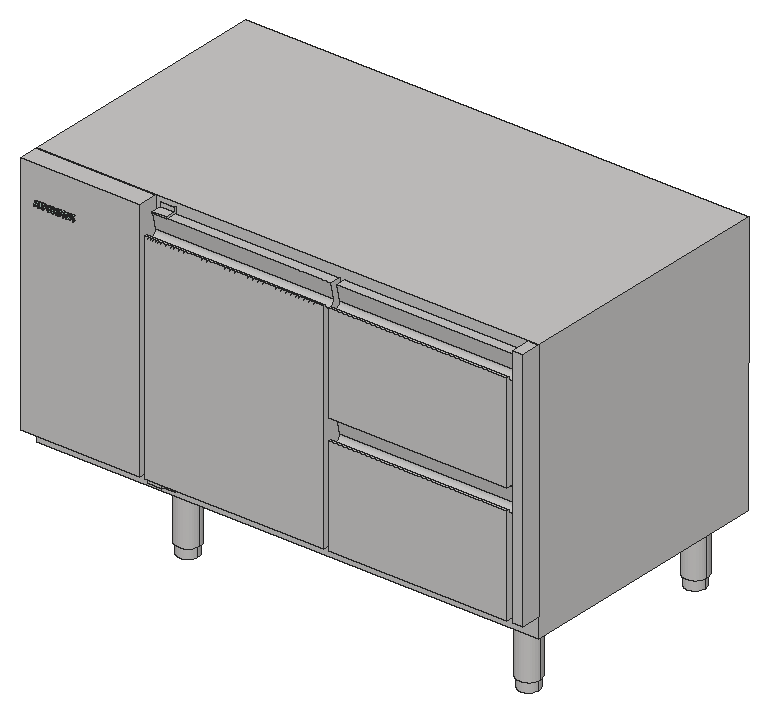
Revit family "QF_ALPENINOX_721101_AA2R7AB", category Attrezzature speciali, Revit 2018
Family settings
  Quota connettore circolare = Usa diametro
  Tipo di parte = Normale
  Basato su piano di lavoro = No
  Sempre verticale = Sì
  Taglio con vuoti quando caricato = No
  Condiviso = No
  Punto di calcolo locali = No
Parameters (values of type "Standard")
  Weight = 92.00 kg
  Watts = 220 W
  Volts = 220 V
  URL Manufacturer = "http://www.alpeninox.com"
  URL = "http://www.alpeninox.com"
  Steam Supply Size = 0 mm
  Steam Supply Minimum Pressure = 0.0 Pa
  Steam Supply Maximum Pressure = 0.0 Pa
  Steam Consumption per Hour = 0
  Refrigeration Suction Line Size = 0 mm
  Refrigeration Liquid Line Size = 0 mm
  Refrigerant Compressor Remote = yes
  Produttore = "Alpeninox"
  Phase = 1
  Modello = "AA2R7AB"
  Length Actual = 1241 mm  # constant formula
  Item Number = "721101"
  Hot Water Size = 0 mm
  Height Actual = 800 mm  # constant formula
  HP = "0.3 HP"
  Gas Size = 0 mm
  Gas KW = 0
  Gas Input Pressure = 0 W
  Direct Waste Size = 0 mm
  Descrizione = "1-DOOR AND 2X1/2-DRAWER REFRIGERATED COUNTER, -2+10°C, FULL AISI 304 (R290), WITHOUT WORK TOP"
  Depth Actual = 700 mm  # constant formula
  Cycle = 50 Hz
  Condensate Return Size = 0 mm
  Compressed Air Volume = 0.0 L/s
  Compressed Air Size = 0 mm
  Compressed Air Pressure = 0.0 Pa
  Cold Water Size = 0 mm
  Accessory = yes
Values of the unnamed type that differ from the named types
  Weight = 0.00 kg
  Watts = 0 W
  Volts = 0 V
  URL Manufacturer = ""
  Item Number = ""
  HP = ""
  Cycle = 0 Hz
Reference planes
  plane 1: z = 0
  plane 2 "Center (Left/Right)": x = -126.5
  plane 3 "Center (Front/Back)": y = 64.5
  plane 4 "FEET": z = 150
  plane 5 "TOP": z = 850
  plane 6 "PLAIN": z = 800
  plane 7 "EI_back": y = 103
  plane 8 "EI_left": x = -686
  plane 9 "BACK": y = 412
  plane 10 "FRONT": y = -283
  plane 11 "DOOR": y = -233
  plane 12 "LEFT": x = -747
  plane 13 "RIGHT": x = 494
  plane 14: x = -722
  plane 15: x = 469
Forms (mm)
  Extrusion 1, solid, material "QF_Finishes_Stainless Steel"
    sketch origin (-1022.223, -1524, 150) x (-1, 0, 0) y (0, -1, 0)
      loop
        circle (-336.223, -1627) r 5
    from 0 to -40
  Extrusion 2, solid, material "QF_Finishes_Stainless Steel"
    sketch origin (-1022.223, -1524, 150) x (-1, 0, 0) y (0, -1, 0)
      loop
        line (-1491.223, -1291) -> (-1491.223, -1241) -> (-1516.223, -1241) -> (-1516.223, -1291) -> (-1491.223, -1291)
    from 48 to 650
  Extrusion 3, solid, material "QF_Finishes_Stainless Steel"
    sketch origin (-1022.223, -1524, 150) x (-1, 0, 0) y (0, -1, 0)
      loop
        line (-275.223, -1936) -> (-275.223, -1291) -> (-1516.223, -1291) -> (-1516.223, -1936) -> (-275.223, -1936)
    from 0 to 650
Lines and regions (mm)
  symbolic lines, style "SpecialityEquipmentHiddenLines"
    curve 1: line (-747, 412, 150) -> (494, 412, 150)
    curve 2: line (-747, -283, 150) -> (-747, 412, 150)
    curve 3: line (494, -283, 150) -> (-747, -283, 150)
    curve 4: line (494, 412, 150) -> (494, -283, 150)
    curve 5: line (-747, -233, 150) -> (494, -233, 150)
    curve 6: line (469, -283, 150) -> (469, -233, 150)
Dimensions and locks
  plane 4 "FEET" to level = 150 mm
  plane 11 "DOOR" to plane 10 "FRONT" = 50 mm
  plane 6 "PLAIN" to plane 4 "FEET" = 650 mm
  plane 5 "TOP" to plane 6 "PLAIN" = 50 mm
  plane 12 "LEFT" to plane 14 = 25 mm
  plane 15 to plane 13 "RIGHT" = 25 mm
  plane 9 "BACK" to plane 7 "EI_back" = 309 mm
  plane 12 "LEFT" to plane 8 "EI_left" = 61 mm
  plane 12 "LEFT" to plane 13 "RIGHT" = 1241 mm
  equal spacing: plane 12 "LEFT", plane 2 "Center (Left/Right)", plane 13 "RIGHT"
  plane 9 "BACK" to plane 10 "FRONT" = 695 mm
  equal spacing: plane 9 "BACK", plane 3 "Center (Front/Back)", plane 10 "FRONT"
  aligned and locked: level to plane 1
Automatic sketch dimensions
  Extrusion 1 sketch curve to plane 7 "EI_back" = 0 mm
  Extrusion 1 sketch curve to plane 8 "EI_left" = 0 mm
  Extrusion 2 sketch curve to plane 11 "DOOR" = 0 mm
  Extrusion 2 sketch curve to plane 13 "RIGHT" = 0 mm
  Extrusion 2 sketch curve to plane 10 "FRONT" = 0 mm
  Extrusion 2 sketch curve to plane 15 = 0 mm
  Extrusion 3 sketch curve to plane 9 "BACK" = 0 mm
  Extrusion 3 sketch curve to plane 13 "RIGHT" = 0 mm
  Extrusion 3 sketch curve to plane 11 "DOOR" = 0 mm
  Extrusion 3 sketch curve to plane 12 "LEFT" = 0 mm
  curve 1 to plane 13 "RIGHT" = 0 mm
  curve 6 to plane 10 "FRONT" = 0 mm
  curve 6 to plane 15 = 0 mm
  curve 5 to plane 12 "LEFT" = 0 mm
  curve 6 to plane 11 "DOOR" = 0 mm
  curve 1 to plane 9 "BACK" = 0 mm
  radius of Extrusion 1 sketch curve = 5 mm
Nested families
  nested 1: "HP_Refrigerator" at (494, -283, 0), type "HP_Refrigerator"
  nested 2: "HP_FEET" at (-413, 331, 0), type "HP_FEET"
  nested 3: "HP_FEET" at (428, 331, 0), type "HP_FEET"
  nested 4: "HP_FEET" at (-413, -183, 0), type "HP_FEET"
  nested 5: "HP_FEET" at (428, -183, 0), type "HP_FEET"
  nested 6: "HP_APX_BI_TN_L" at (-540.08, -233, 548) x (1, 0, 0) z (0, -1, 0), type "HP_APX_BI_TN_L"
    with Show Logo yes
  nested 7: "HP_APX_SD_L" at (-219, -233, 458.88) x (1, 0, 0) z (0, -1, 0), type "HP_APX_SD_L"
    with Show Clearance yes
  nested 8: "HP_APX_HALF" at (235, -233, 458.08) x (1, 0, 0) z (0, -1, 0), type "HP_APX_HALF"
    with Show Clearance yes
Connectors
  electrical at (-686, 103, 110), driven by "Volts"
    settings: on Extrusion 1, index 1, voltage 220 V, apparent load 0 VA, apparent load phase1 0 VA, apparent load phase2 0 VA, apparent load phase3 0 VA, power factor 1, load classification "Other", number of poles 1, system type 31, power factor state 1, is connector primary yes, connector utility no, sub classification motor no, connector description "Electrical Connection"
Definition of nested family "HP_FEET"
  Parameters
    FEET = 150 mm
  Reference planes
    plane 1 "Center (Front/Back)": y = 0
    plane 2: z = 0
    plane 3 "Center (Left/Right)": x = 0
    plane 4: z = 150
  Forms (mm)
    Revolve 1, solid
      sketch origin (255.05, 0, 608.09) x (0, 0, 1) y (-1, 0, 0)
        loop
          line (-608.09, 255.05) -> (-608.09, 230.05) -> (-583.09, 230.05) -> (-583.09, 226.05) -> (-458.09, 226.05) -> (-458.09, 255.05) -> (-608.09, 255.05)
        axis (-608.09, 255.05) -> (-458.09, 255.05)
      angle from 0 to 360
  Dimensions and locks
    locked: Revolve 1 sketch curve to Revolve 1 sketch curve at 125
    "FEET": plane 4 to plane 2
    aligned and locked: level to plane 2
    aligned and locked: plane 4 to Revolve 1 sketch curve
    aligned and locked: Revolve 1 sketch curve to level
    aligned and locked: plane 3 "Center (Left/Right)" to Revolve 1 sketch curve
  Automatic sketch dimensions
    Revolve 1 sketch curve to plane 3 "Center (Left/Right)" = 0 mm
    Revolve 1 sketch curve to Revolve 1 sketch curve = 25 mm
    Revolve 1 sketch curve to Revolve 1 sketch curve = 29 mm
    plane 4 to Revolve 1 sketch curve = 50 mm
    Revolve 1 sketch curve to Revolve 1 sketch curve = 20 mm
Definition of nested family "HP_APX_BI_TN_L"
  Parameters
    Show Logo [instance] = yes
    Default Elevation = 1219.2 mm
  Reference planes
    plane 1 "Center (Front/Back)": y = -49
    plane 2: z = 0
    plane 3 "Center (Left/Right)": x = -59.92
    plane 4: x = -206.92
    plane 5: x = 87.08
    plane 6: y = 252
    plane 7: y = -350
  Forms (mm)
    Extrusion 1, solid
      sketch origin (0, 0, 0) x (1, 0, 0) y (0, 1, 0)
        loop
          line (-1219.2, 1219.2) -> (-1219.2, -1219.2) -> (1219.2, -1219.2) -> (1219.2, 1219.2) -> (-1219.2, 1219.2)
      from 0 to -304.8
    Extrusion 2, solid
      sketch origin (0, 0, 0) x (1, 0, 0) y (0, 1, 0)
        loop
          line (-206.92, 252) -> (-206.92, -350) -> (87.08, -350) -> (87.08, 252) -> (-206.92, 252)
      from 0 to 50
    Extrusion 3, solid
      sketch origin (0, 0, 0) x (1, 0, 0) y (0, 1, 0)
        loop
          line (-168.675, 170.349) -> (-172.411, 160.318)
          arc (-172.411, 160.318) -> (-171.624, 158.497) -> (-169.837, 159.36) r 1.374
          line (-169.837, 159.36) -> (-169.268, 161.111) -> (-164.1, 161.111) -> (-163.54, 159.379)
          arc (-163.54, 159.379) -> (-161.802, 158.542) -> (-161.049, 160.318) r 1.333
          line (-161.049, 160.318) -> (-164.694, 170.349)
          arc (-164.694, 170.349) -> (-166.685, 171.876) -> (-168.675, 170.349) r 2.06
        loop
          line (-166.681, 169.055) -> (-168.469, 163.655) -> (-164.935, 163.655) -> (-166.681, 169.055)
        loop
          arc (-159.705, 160.042) -> (-159.262, 158.973) -> (-158.194, 158.531) r 1.512
          line (-158.194, 158.531) -> (-153.608, 158.531)
          arc (-153.608, 158.531) -> (-152.337, 159.802) -> (-153.608, 161.074) r 1.272
          line (-153.608, 161.074) -> (-156.917, 161.074) -> (-156.917, 170.328)
          arc (-156.917, 170.328) -> (-158.311, 171.722) -> (-159.705, 170.328) r 1.394
          line (-159.705, 170.328) -> (-159.705, 160.042)
        loop
          line (-151.076, 170.218) -> (-151.076, 159.859)
          arc (-151.076, 159.859) -> (-149.683, 158.466) -> (-148.29, 159.859) r 1.393
          line (-148.29, 159.859) -> (-148.29, 162.882) -> (-146.225, 162.882)
          arc (-146.225, 162.882) -> (-142.999, 163.859) -> (-141.608, 166.928) r 4.082
          arc (-141.608, 166.928) -> (-142.993, 170.272) -> (-146.336, 171.657) r 4.728
          line (-146.336, 171.657) -> (-149.638, 171.657)
          arc (-149.638, 171.657) -> (-150.655, 171.235) -> (-151.076, 170.218) r 1.439
        loop
          line (-148.29, 165.313) -> (-146.388, 165.313)
          arc (-146.388, 165.313) -> (-144.433, 167.268) -> (-146.388, 169.222) r 1.955
          line (-146.388, 169.222) -> (-148.29, 169.222) -> (-148.29, 165.313)
        loop
          arc (-131.184, 166.332) -> (-132.004, 168.2) -> (-133.767, 169.228) r 3.3
          arc (-133.767, 169.228) -> (-136.353, 168.661) -> (-137.611, 166.332) r 3.176
          line (-137.611, 166.332) -> (-131.184, 166.332)
        loop
          line (-137.538, 163.743) -> (-130.544, 163.743)
          arc (-130.544, 163.743) -> (-129.292, 163.916) -> (-128.301, 164.701) r 2.4
          arc (-128.301, 164.701) -> (-128.155, 165.545) -> (-128.212, 166.399) r 3.635
          arc (-128.212, 166.399) -> (-130.364, 170.162) -> (-134.39, 171.769) r 6.579
          arc (-134.39, 171.769) -> (-138.918, 169.706) -> (-140.661, 165.044) r 6.501
          arc (-140.661, 165.044) -> (-139.276, 160.789) -> (-135.401, 158.549) r 6.252
          arc (-135.401, 158.549) -> (-132.922, 158.526) -> (-130.544, 159.232) r 8.361
          arc (-130.544, 159.232) -> (-129.466, 159.781) -> (-128.641, 160.666) r 3.486
          arc (-128.641, 160.666) -> (-128.419, 161.592) -> (-128.828, 162.451) r 1.425
          arc (-128.828, 162.451) -> (-129.368, 162.762) -> (-129.99, 162.762) r 1.203
          arc (-129.99, 162.762) -> (-130.406, 162.59) -> (-130.764, 162.316) r 1.724
          arc (-130.764, 162.316) -> (-131.666, 161.705) -> (-132.646, 161.229) r 7.6
          arc (-132.646, 161.229) -> (-135.676, 161.35) -> (-137.538, 163.743) r 3.6
        loop
          line (-126.669, 170.328) -> (-126.669, 159.859)
          arc (-126.669, 159.859) -> (-125.273, 158.463) -> (-123.878, 159.859) r 1.396
          line (-123.878, 159.859) -> (-123.878, 166.785) -> (-117.946, 159.029)
          arc (-117.946, 159.029) -> (-116.361, 158.51) -> (-115.379, 159.859) r 1.417
          line (-115.379, 159.859) -> (-115.379, 170.328)
          arc (-115.379, 170.328) -> (-116.774, 171.723) -> (-118.169, 170.328) r 1.395
          line (-118.169, 170.328) -> (-118.169, 163.311) -> (-124.101, 171.157)
          arc (-124.101, 171.157) -> (-125.687, 171.678) -> (-126.669, 170.328) r 1.418
        loop
          arc (-113.636, 159.859) -> (-112.241, 158.464) -> (-110.847, 159.859) r 1.394
          line (-110.847, 159.859) -> (-110.847, 170.328)
          arc (-110.847, 170.328) -> (-112.241, 171.723) -> (-113.636, 170.328) r 1.394
          line (-113.636, 170.328) -> (-113.636, 159.859)
        loop
          line (-109.102, 170.328) -> (-109.102, 159.859)
          arc (-109.102, 159.859) -> (-107.706, 158.463) -> (-106.31, 159.859) r 1.396
          line (-106.31, 159.859) -> (-106.31, 166.785) -> (-100.378, 159.029)
          arc (-100.378, 159.029) -> (-98.793, 158.51) -> (-97.812, 159.859) r 1.417
          line (-97.812, 159.859) -> (-97.812, 170.328)
          arc (-97.812, 170.328) -> (-99.207, 171.723) -> (-100.602, 170.328) r 1.395
          line (-100.602, 170.328) -> (-100.602, 163.311) -> (-106.533, 171.157)
          arc (-106.533, 171.157) -> (-108.119, 171.678) -> (-109.102, 170.328) r 1.418
        loop
          arc (-96.345, 165.093) -> (-95.619, 161.877) -> (-93.467, 159.379) r 6.806
          arc (-93.467, 159.379) -> (-91.792, 158.566) -> (-89.948, 158.31) r 5.956
          arc (-89.948, 158.31) -> (-88.104, 158.566) -> (-86.43, 159.379) r 5.956
          arc (-86.43, 159.379) -> (-84.277, 161.877) -> (-83.551, 165.093) r 6.806
          arc (-83.551, 165.093) -> (-84.277, 168.31) -> (-86.43, 170.808) r 6.806
          arc (-86.43, 170.808) -> (-88.104, 171.621) -> (-89.948, 171.877) r 5.956
          arc (-89.948, 171.877) -> (-91.792, 171.621) -> (-93.467, 170.808) r 5.956
          arc (-93.467, 170.808) -> (-95.619, 168.31) -> (-96.345, 165.093) r 6.806
        loop
          arc (-93.425, 165.093) -> (-93.138, 163.212) -> (-92.081, 161.629) r 4.387
          arc (-92.081, 161.629) -> (-91.087, 161.049) -> (-89.948, 160.881) r 3.035
          arc (-89.948, 160.881) -> (-88.809, 161.049) -> (-87.815, 161.629) r 3.035
          arc (-87.815, 161.629) -> (-86.759, 163.212) -> (-86.472, 165.093) r 4.387
          arc (-86.472, 165.093) -> (-86.759, 166.975) -> (-87.815, 168.558) r 4.387
          arc (-87.815, 168.558) -> (-88.809, 169.138) -> (-89.948, 169.306) r 3.035
          arc (-89.948, 169.306) -> (-91.087, 169.138) -> (-92.081, 168.558) r 3.035
          arc (-92.081, 168.558) -> (-93.138, 166.975) -> (-93.425, 165.093) r 4.387
        loop
          line (-83.139, 169.609) -> (-80.126, 165.552) -> (-83.81, 160.652)
          arc (-83.81, 160.652) -> (-83.512, 158.692) -> (-81.559, 159.029) r 1.388
          line (-81.559, 159.029) -> (-78.51, 163.232) -> (-75.461, 159.029)
          arc (-75.461, 159.029) -> (-73.507, 158.692) -> (-73.21, 160.652) r 1.388
          line (-73.21, 160.652) -> (-76.894, 165.552) -> (-73.881, 169.609)
          arc (-73.881, 169.609) -> (-74.249, 171.597) -> (-76.205, 171.084) r 1.38
          line (-76.205, 171.084) -> (-78.51, 167.841) -> (-80.815, 171.084)
          arc (-80.815, 171.084) -> (-82.771, 171.597) -> (-83.139, 169.609) r 1.38
      from 50 to 51.6
    Extrusion 4, solid, not visible
      sketch origin (0, 0, 0) x (1, 0, 0) y (0, 1, 0)
        loop
          line (-206.92, 252) -> (-206.92, -400) -> (87.08, -400) -> (87.08, 252) -> (-206.92, 252)
      from 0 to 50
  Lines and regions (mm)
    Split face 1
      outline origin (0, 0, 50) x (1, 0, 0) y (0, 1, 0)
        loop
          line (87.08, 183) -> (-172.92, 183)
          arc (-172.92, 183) -> (-190.42, 165.5) -> (-172.92, 148) r 17.5
          line (-172.92, 148) -> (87.08, 148)
    Split face 2
      outline origin (-38, 0, 50) x (1, 0, 0) y (0, 1, 0)
        loop
          line (-5.42, 177) -> (-5.42, 154) -> (64.58, 154) -> (64.58, 177) -> (-5.42, 177)
    Split face 3
      outline origin (-38, 0, 50) x (1, 0, 0) y (0, 1, 0)
        loop
          line (44.58, 174) -> (44.58, 157) -> (61.58, 157) -> (61.58, 174) -> (44.58, 174)
    Split face 4
      outline origin (0, 0, 50) x (1, 0, 0) y (0, 1, 0)
        loop
          line (-206.92, 188) -> (87.08, 188)
    Split face 5
      outline origin (0, 0, 50) x (1, 0, 0) y (0, 1, 0)
        loop
          arc (-163.464, 131.824) -> (-167.464, 127.824) -> (-163.464, 123.824) r 4
          line (-163.464, 123.824) -> (-121.464, 123.824)
          arc (-121.464, 123.824) -> (-117.464, 127.824) -> (-121.464, 131.824) r 4
          line (-121.464, 131.824) -> (-163.464, 131.824)
    Split face 6
      outline origin (330, 0, 50) x (1, 0, 0) y (0, 1, 0)
        loop
          arc (-328.464, 131.824) -> (-332.464, 127.824) -> (-328.464, 123.824) r 4
          line (-328.464, 123.824) -> (-286.464, 123.824)
          arc (-286.464, 123.824) -> (-282.464, 127.824) -> (-286.464, 131.824) r 4
          line (-286.464, 131.824) -> (-328.464, 131.824)
    Split face 7
      outline origin (110, 0, 50) x (1, 0, 0) y (0, 1, 0)
        loop
          arc (-218.464, 131.824) -> (-222.464, 127.824) -> (-218.464, 123.824) r 4
          line (-218.464, 123.824) -> (-176.464, 123.824)
          arc (-176.464, 123.824) -> (-172.464, 127.824) -> (-176.464, 131.824) r 4
          line (-176.464, 131.824) -> (-218.464, 131.824)
    Split face 8
      outline origin (220, 0, 50) x (1, 0, 0) y (0, 1, 0)
        loop
          arc (-273.464, 131.824) -> (-277.464, 127.824) -> (-273.464, 123.824) r 4
          line (-273.464, 123.824) -> (-231.464, 123.824)
          arc (-231.464, 123.824) -> (-227.464, 127.824) -> (-231.464, 131.824) r 4
          line (-231.464, 131.824) -> (-273.464, 131.824)
    Split face 9, not visible
      outline origin (0, 0, 50) x (1, 0, 0) y (0, 1, 0)
        loop
          arc (-163.464, 131.824) -> (-167.464, 127.824) -> (-163.464, 123.824) r 4
          line (-163.464, 123.824) -> (-121.464, 123.824)
          arc (-121.464, 123.824) -> (-117.464, 127.824) -> (-121.464, 131.824) r 4
          line (-121.464, 131.824) -> (-163.464, 131.824)
    Split face 10
      outline origin (0, -24, 50) x (1, 0, 0) y (0, 1, 0)
        loop
          arc (-163.464, 143.824) -> (-167.464, 139.824) -> (-163.464, 135.824) r 4
          line (-163.464, 135.824) -> (-121.464, 135.824)
          arc (-121.464, 135.824) -> (-117.464, 139.824) -> (-121.464, 143.824) r 4
          line (-121.464, 143.824) -> (-163.464, 143.824)
    Split face 11
      outline origin (330, -24, 50) x (1, 0, 0) y (0, 1, 0)
        loop
          arc (-328.464, 143.824) -> (-332.464, 139.824) -> (-328.464, 135.824) r 4
          line (-328.464, 135.824) -> (-286.464, 135.824)
          arc (-286.464, 135.824) -> (-282.464, 139.824) -> (-286.464, 143.824) r 4
          line (-286.464, 143.824) -> (-328.464, 143.824)
    Split face 12
      outline origin (110, -24, 50) x (1, 0, 0) y (0, 1, 0)
        loop
          arc (-218.464, 143.824) -> (-222.464, 139.824) -> (-218.464, 135.824) r 4
          line (-218.464, 135.824) -> (-176.464, 135.824)
          arc (-176.464, 135.824) -> (-172.464, 139.824) -> (-176.464, 143.824) r 4
          line (-176.464, 143.824) -> (-218.464, 143.824)
    Split face 13
      outline origin (220, -24, 50) x (1, 0, 0) y (0, 1, 0)
        loop
          arc (-273.464, 143.824) -> (-277.464, 139.824) -> (-273.464, 135.824) r 4
          line (-273.464, 135.824) -> (-231.464, 135.824)
          arc (-231.464, 135.824) -> (-227.464, 139.824) -> (-231.464, 143.824) r 4
          line (-231.464, 143.824) -> (-273.464, 143.824)
    Split face 14
      outline origin (0, -48, 50) x (1, 0, 0) y (0, 1, 0)
        loop
          arc (-163.464, 155.824) -> (-167.464, 151.824) -> (-163.464, 147.824) r 4
          line (-163.464, 147.824) -> (-121.464, 147.824)
          arc (-121.464, 147.824) -> (-117.464, 151.824) -> (-121.464, 155.824) r 4
          line (-121.464, 155.824) -> (-163.464, 155.824)
    Split face 15
      outline origin (330, -48, 50) x (1, 0, 0) y (0, 1, 0)
        loop
          arc (-328.464, 155.824) -> (-332.464, 151.824) -> (-328.464, 147.824) r 4
          line (-328.464, 147.824) -> (-286.464, 147.824)
          arc (-286.464, 147.824) -> (-282.464, 151.824) -> (-286.464, 155.824) r 4
          line (-286.464, 155.824) -> (-328.464, 155.824)
    Split face 16
      outline origin (110, -48, 50) x (1, 0, 0) y (0, 1, 0)
        loop
          arc (-218.464, 155.824) -> (-222.464, 151.824) -> (-218.464, 147.824) r 4
          line (-218.464, 147.824) -> (-176.464, 147.824)
          arc (-176.464, 147.824) -> (-172.464, 151.824) -> (-176.464, 155.824) r 4
          line (-176.464, 155.824) -> (-218.464, 155.824)
    Split face 17
      outline origin (220, -48, 50) x (1, 0, 0) y (0, 1, 0)
        loop
          arc (-273.464, 155.824) -> (-277.464, 151.824) -> (-273.464, 147.824) r 4
          line (-273.464, 147.824) -> (-231.464, 147.824)
          arc (-231.464, 147.824) -> (-227.464, 151.824) -> (-231.464, 155.824) r 4
          line (-231.464, 155.824) -> (-273.464, 155.824)
    Split face 18
      outline origin (0, -72, 50) x (1, 0, 0) y (0, 1, 0)
        loop
          arc (-163.464, 167.824) -> (-167.464, 163.824) -> (-163.464, 159.824) r 4
          line (-163.464, 159.824) -> (-121.464, 159.824)
          arc (-121.464, 159.824) -> (-117.464, 163.824) -> (-121.464, 167.824) r 4
          line (-121.464, 167.824) -> (-163.464, 167.824)
    Split face 19
      outline origin (330, -72, 50) x (1, 0, 0) y (0, 1, 0)
        loop
          arc (-328.464, 167.824) -> (-332.464, 163.824) -> (-328.464, 159.824) r 4
          line (-328.464, 159.824) -> (-286.464, 159.824)
          arc (-286.464, 159.824) -> (-282.464, 163.824) -> (-286.464, 167.824) r 4
          line (-286.464, 167.824) -> (-328.464, 167.824)
    Split face 20
      outline origin (110, -72, 50) x (1, 0, 0) y (0, 1, 0)
        loop
          arc (-218.464, 167.824) -> (-222.464, 163.824) -> (-218.464, 159.824) r 4
          line (-218.464, 159.824) -> (-176.464, 159.824)
          arc (-176.464, 159.824) -> (-172.464, 163.824) -> (-176.464, 167.824) r 4
          line (-176.464, 167.824) -> (-218.464, 167.824)
    Split face 21
      outline origin (220, -72, 50) x (1, 0, 0) y (0, 1, 0)
        loop
          arc (-273.464, 167.824) -> (-277.464, 163.824) -> (-273.464, 159.824) r 4
          line (-273.464, 159.824) -> (-231.464, 159.824)
          arc (-231.464, 159.824) -> (-227.464, 163.824) -> (-231.464, 167.824) r 4
          line (-231.464, 167.824) -> (-273.464, 167.824)
    Split face 22
      outline origin (0, -96, 50) x (1, 0, 0) y (0, 1, 0)
        loop
          arc (-163.464, 179.824) -> (-167.464, 175.824) -> (-163.464, 171.824) r 4
          line (-163.464, 171.824) -> (-121.464, 171.824)
          arc (-121.464, 171.824) -> (-117.464, 175.824) -> (-121.464, 179.824) r 4
          line (-121.464, 179.824) -> (-163.464, 179.824)
    Split face 23
      outline origin (330, -96, 50) x (1, 0, 0) y (0, 1, 0)
        loop
          arc (-328.464, 179.824) -> (-332.464, 175.824) -> (-328.464, 171.824) r 4
          line (-328.464, 171.824) -> (-286.464, 171.824)
          arc (-286.464, 171.824) -> (-282.464, 175.824) -> (-286.464, 179.824) r 4
          line (-286.464, 179.824) -> (-328.464, 179.824)
    Split face 24
      outline origin (110, -96, 50) x (1, 0, 0) y (0, 1, 0)
        loop
          arc (-218.464, 179.824) -> (-222.464, 175.824) -> (-218.464, 171.824) r 4
          line (-218.464, 171.824) -> (-176.464, 171.824)
          arc (-176.464, 171.824) -> (-172.464, 175.824) -> (-176.464, 179.824) r 4
          line (-176.464, 179.824) -> (-218.464, 179.824)
    Split face 25
      outline origin (220, -96, 50) x (1, 0, 0) y (0, 1, 0)
        loop
          arc (-273.464, 179.824) -> (-277.464, 175.824) -> (-273.464, 171.824) r 4
          line (-273.464, 171.824) -> (-231.464, 171.824)
          arc (-231.464, 171.824) -> (-227.464, 175.824) -> (-231.464, 179.824) r 4
          line (-231.464, 179.824) -> (-273.464, 179.824)
    Split face 26
      outline origin (0, -120, 50) x (1, 0, 0) y (0, 1, 0)
        loop
          arc (-163.464, 191.824) -> (-167.464, 187.824) -> (-163.464, 183.824) r 4
          line (-163.464, 183.824) -> (-121.464, 183.824)
          arc (-121.464, 183.824) -> (-117.464, 187.824) -> (-121.464, 191.824) r 4
          line (-121.464, 191.824) -> (-163.464, 191.824)
    Split face 27
      outline origin (330, -120, 50) x (1, 0, 0) y (0, 1, 0)
        loop
          arc (-328.464, 191.824) -> (-332.464, 187.824) -> (-328.464, 183.824) r 4
          line (-328.464, 183.824) -> (-286.464, 183.824)
          arc (-286.464, 183.824) -> (-282.464, 187.824) -> (-286.464, 191.824) r 4
          line (-286.464, 191.824) -> (-328.464, 191.824)
    Split face 28
      outline origin (110, -120, 50) x (1, 0, 0) y (0, 1, 0)
        loop
          arc (-218.464, 191.824) -> (-222.464, 187.824) -> (-218.464, 183.824) r 4
          line (-218.464, 183.824) -> (-176.464, 183.824)
          arc (-176.464, 183.824) -> (-172.464, 187.824) -> (-176.464, 191.824) r 4
          line (-176.464, 191.824) -> (-218.464, 191.824)
    Split face 29
      outline origin (220, -120, 50) x (1, 0, 0) y (0, 1, 0)
        loop
          arc (-273.464, 191.824) -> (-277.464, 187.824) -> (-273.464, 183.824) r 4
          line (-273.464, 183.824) -> (-231.464, 183.824)
          arc (-231.464, 183.824) -> (-227.464, 187.824) -> (-231.464, 191.824) r 4
          line (-231.464, 191.824) -> (-273.464, 191.824)
    Split face 30
      outline origin (0, -144, 50) x (1, 0, 0) y (0, 1, 0)
        loop
          arc (-163.464, 203.824) -> (-167.464, 199.824) -> (-163.464, 195.824) r 4
          line (-163.464, 195.824) -> (-121.464, 195.824)
          arc (-121.464, 195.824) -> (-117.464, 199.824) -> (-121.464, 203.824) r 4
          line (-121.464, 203.824) -> (-163.464, 203.824)
    Split face 31
      outline origin (330, -144, 50) x (1, 0, 0) y (0, 1, 0)
        loop
          arc (-328.464, 203.824) -> (-332.464, 199.824) -> (-328.464, 195.824) r 4
          line (-328.464, 195.824) -> (-286.464, 195.824)
          arc (-286.464, 195.824) -> (-282.464, 199.824) -> (-286.464, 203.824) r 4
          line (-286.464, 203.824) -> (-328.464, 203.824)
    Split face 32
      outline origin (110, -144, 50) x (1, 0, 0) y (0, 1, 0)
        loop
          arc (-218.464, 203.824) -> (-222.464, 199.824) -> (-218.464, 195.824) r 4
          line (-218.464, 195.824) -> (-176.464, 195.824)
          arc (-176.464, 195.824) -> (-172.464, 199.824) -> (-176.464, 203.824) r 4
          line (-176.464, 203.824) -> (-218.464, 203.824)
    Split face 33
      outline origin (220, -144, 50) x (1, 0, 0) y (0, 1, 0)
        loop
          arc (-273.464, 203.824) -> (-277.464, 199.824) -> (-273.464, 195.824) r 4
          line (-273.464, 195.824) -> (-231.464, 195.824)
          arc (-231.464, 195.824) -> (-227.464, 199.824) -> (-231.464, 203.824) r 4
          line (-231.464, 203.824) -> (-273.464, 203.824)
    Split face 34
      outline origin (0, -168, 50) x (1, 0, 0) y (0, 1, 0)
        loop
          arc (-163.464, 215.824) -> (-167.464, 211.824) -> (-163.464, 207.824) r 4
          line (-163.464, 207.824) -> (-121.464, 207.824)
          arc (-121.464, 207.824) -> (-117.464, 211.824) -> (-121.464, 215.824) r 4
          line (-121.464, 215.824) -> (-163.464, 215.824)
    Split face 35
      outline origin (330, -168, 50) x (1, 0, 0) y (0, 1, 0)
        loop
          arc (-328.464, 215.824) -> (-332.464, 211.824) -> (-328.464, 207.824) r 4
          line (-328.464, 207.824) -> (-286.464, 207.824)
          arc (-286.464, 207.824) -> (-282.464, 211.824) -> (-286.464, 215.824) r 4
          line (-286.464, 215.824) -> (-328.464, 215.824)
    Split face 36
      outline origin (110, -168, 50) x (1, 0, 0) y (0, 1, 0)
        loop
          arc (-218.464, 215.824) -> (-222.464, 211.824) -> (-218.464, 207.824) r 4
          line (-218.464, 207.824) -> (-176.464, 207.824)
          arc (-176.464, 207.824) -> (-172.464, 211.824) -> (-176.464, 215.824) r 4
          line (-176.464, 215.824) -> (-218.464, 215.824)
    Split face 37
      outline origin (220, -168, 50) x (1, 0, 0) y (0, 1, 0)
        loop
          arc (-273.464, 215.824) -> (-277.464, 211.824) -> (-273.464, 207.824) r 4
          line (-273.464, 207.824) -> (-231.464, 207.824)
          arc (-231.464, 207.824) -> (-227.464, 211.824) -> (-231.464, 215.824) r 4
          line (-231.464, 215.824) -> (-273.464, 215.824)
    Split face 38
      outline origin (0, -192, 50) x (1, 0, 0) y (0, 1, 0)
        loop
          arc (-163.464, 227.824) -> (-167.464, 223.824) -> (-163.464, 219.824) r 4
          line (-163.464, 219.824) -> (-121.464, 219.824)
          arc (-121.464, 219.824) -> (-117.464, 223.824) -> (-121.464, 227.824) r 4
          line (-121.464, 227.824) -> (-163.464, 227.824)
    Split face 39
      outline origin (330, -192, 50) x (1, 0, 0) y (0, 1, 0)
        loop
          arc (-328.464, 227.824) -> (-332.464, 223.824) -> (-328.464, 219.824) r 4
          line (-328.464, 219.824) -> (-286.464, 219.824)
          arc (-286.464, 219.824) -> (-282.464, 223.824) -> (-286.464, 227.824) r 4
          line (-286.464, 227.824) -> (-328.464, 227.824)
    Split face 40
      outline origin (110, -192, 50) x (1, 0, 0) y (0, 1, 0)
        loop
          arc (-218.464, 227.824) -> (-222.464, 223.824) -> (-218.464, 219.824) r 4
          line (-218.464, 219.824) -> (-176.464, 219.824)
          arc (-176.464, 219.824) -> (-172.464, 223.824) -> (-176.464, 227.824) r 4
          line (-176.464, 227.824) -> (-218.464, 227.824)
    Split face 41
      outline origin (220, -192, 50) x (1, 0, 0) y (0, 1, 0)
        loop
          arc (-273.464, 227.824) -> (-277.464, 223.824) -> (-273.464, 219.824) r 4
          line (-273.464, 219.824) -> (-231.464, 219.824)
          arc (-231.464, 219.824) -> (-227.464, 223.824) -> (-231.464, 227.824) r 4
          line (-231.464, 227.824) -> (-273.464, 227.824)
    Split face 42
      outline origin (0, -216, 50) x (1, 0, 0) y (0, 1, 0)
        loop
          arc (-163.464, 239.824) -> (-167.464, 235.824) -> (-163.464, 231.824) r 4
          line (-163.464, 231.824) -> (-121.464, 231.824)
          arc (-121.464, 231.824) -> (-117.464, 235.824) -> (-121.464, 239.824) r 4
          line (-121.464, 239.824) -> (-163.464, 239.824)
    Split face 43
      outline origin (330, -216, 50) x (1, 0, 0) y (0, 1, 0)
        loop
          arc (-328.464, 239.824) -> (-332.464, 235.824) -> (-328.464, 231.824) r 4
          line (-328.464, 231.824) -> (-286.464, 231.824)
          arc (-286.464, 231.824) -> (-282.464, 235.824) -> (-286.464, 239.824) r 4
          line (-286.464, 239.824) -> (-328.464, 239.824)
    Split face 44
      outline origin (110, -216, 50) x (1, 0, 0) y (0, 1, 0)
        loop
          arc (-218.464, 239.824) -> (-222.464, 235.824) -> (-218.464, 231.824) r 4
          line (-218.464, 231.824) -> (-176.464, 231.824)
          arc (-176.464, 231.824) -> (-172.464, 235.824) -> (-176.464, 239.824) r 4
          line (-176.464, 239.824) -> (-218.464, 239.824)
    Split face 45
      outline origin (220, -216, 50) x (1, 0, 0) y (0, 1, 0)
        loop
          arc (-273.464, 239.824) -> (-277.464, 235.824) -> (-273.464, 231.824) r 4
          line (-273.464, 231.824) -> (-231.464, 231.824)
          arc (-231.464, 231.824) -> (-227.464, 235.824) -> (-231.464, 239.824) r 4
          line (-231.464, 239.824) -> (-273.464, 239.824)
    Split face 46
      outline origin (0, -240, 50) x (1, 0, 0) y (0, 1, 0)
        loop
          arc (-163.464, 251.824) -> (-167.464, 247.824) -> (-163.464, 243.824) r 4
          line (-163.464, 243.824) -> (-121.464, 243.824)
          arc (-121.464, 243.824) -> (-117.464, 247.824) -> (-121.464, 251.824) r 4
          line (-121.464, 251.824) -> (-163.464, 251.824)
    Split face 47
      outline origin (330, -240, 50) x (1, 0, 0) y (0, 1, 0)
        loop
          arc (-328.464, 251.824) -> (-332.464, 247.824) -> (-328.464, 243.824) r 4
          line (-328.464, 243.824) -> (-286.464, 243.824)
          arc (-286.464, 243.824) -> (-282.464, 247.824) -> (-286.464, 251.824) r 4
          line (-286.464, 251.824) -> (-328.464, 251.824)
    Split face 48
      outline origin (110, -240, 50) x (1, 0, 0) y (0, 1, 0)
        loop
          arc (-218.464, 251.824) -> (-222.464, 247.824) -> (-218.464, 243.824) r 4
          line (-218.464, 243.824) -> (-176.464, 243.824)
          arc (-176.464, 243.824) -> (-172.464, 247.824) -> (-176.464, 251.824) r 4
          line (-176.464, 251.824) -> (-218.464, 251.824)
    Split face 49
      outline origin (220, -240, 50) x (1, 0, 0) y (0, 1, 0)
        loop
          arc (-273.464, 251.824) -> (-277.464, 247.824) -> (-273.464, 243.824) r 4
          line (-273.464, 243.824) -> (-231.464, 243.824)
          arc (-231.464, 243.824) -> (-227.464, 247.824) -> (-231.464, 251.824) r 4
          line (-231.464, 251.824) -> (-273.464, 251.824)
    Split face 50
      outline origin (0, -264, 50) x (1, 0, 0) y (0, 1, 0)
        loop
          arc (-163.464, 263.824) -> (-167.464, 259.824) -> (-163.464, 255.824) r 4
          line (-163.464, 255.824) -> (-121.464, 255.824)
          arc (-121.464, 255.824) -> (-117.464, 259.824) -> (-121.464, 263.824) r 4
          line (-121.464, 263.824) -> (-163.464, 263.824)
    Split face 51
      outline origin (330, -264, 50) x (1, 0, 0) y (0, 1, 0)
        loop
          arc (-328.464, 263.824) -> (-332.464, 259.824) -> (-328.464, 255.824) r 4
          line (-328.464, 255.824) -> (-286.464, 255.824)
          arc (-286.464, 255.824) -> (-282.464, 259.824) -> (-286.464, 263.824) r 4
          line (-286.464, 263.824) -> (-328.464, 263.824)
    Split face 52
      outline origin (110, -264, 50) x (1, 0, 0) y (0, 1, 0)
        loop
          arc (-218.464, 263.824) -> (-222.464, 259.824) -> (-218.464, 255.824) r 4
          line (-218.464, 255.824) -> (-176.464, 255.824)
          arc (-176.464, 255.824) -> (-172.464, 259.824) -> (-176.464, 263.824) r 4
          line (-176.464, 263.824) -> (-218.464, 263.824)
    Split face 53
      outline origin (220, -264, 50) x (1, 0, 0) y (0, 1, 0)
        loop
          arc (-273.464, 263.824) -> (-277.464, 259.824) -> (-273.464, 255.824) r 4
          line (-273.464, 255.824) -> (-231.464, 255.824)
          arc (-231.464, 255.824) -> (-227.464, 259.824) -> (-231.464, 263.824) r 4
          line (-231.464, 263.824) -> (-273.464, 263.824)
    Split face 54
      outline origin (0, -288, 50) x (1, 0, 0) y (0, 1, 0)
        loop
          arc (-163.464, 275.824) -> (-167.464, 271.824) -> (-163.464, 267.824) r 4
          line (-163.464, 267.824) -> (-121.464, 267.824)
          arc (-121.464, 267.824) -> (-117.464, 271.824) -> (-121.464, 275.824) r 4
          line (-121.464, 275.824) -> (-163.464, 275.824)
    Split face 55
      outline origin (330, -288, 50) x (1, 0, 0) y (0, 1, 0)
        loop
          arc (-328.464, 275.824) -> (-332.464, 271.824) -> (-328.464, 267.824) r 4
          line (-328.464, 267.824) -> (-286.464, 267.824)
          arc (-286.464, 267.824) -> (-282.464, 271.824) -> (-286.464, 275.824) r 4
          line (-286.464, 275.824) -> (-328.464, 275.824)
    Split face 56
      outline origin (110, -288, 50) x (1, 0, 0) y (0, 1, 0)
        loop
          arc (-218.464, 275.824) -> (-222.464, 271.824) -> (-218.464, 267.824) r 4
          line (-218.464, 267.824) -> (-176.464, 267.824)
          arc (-176.464, 267.824) -> (-172.464, 271.824) -> (-176.464, 275.824) r 4
          line (-176.464, 275.824) -> (-218.464, 275.824)
    Split face 57
      outline origin (220, -288, 50) x (1, 0, 0) y (0, 1, 0)
        loop
          arc (-273.464, 275.824) -> (-277.464, 271.824) -> (-273.464, 267.824) r 4
          line (-273.464, 267.824) -> (-231.464, 267.824)
          arc (-231.464, 267.824) -> (-227.464, 271.824) -> (-231.464, 275.824) r 4
          line (-231.464, 275.824) -> (-273.464, 275.824)
    Split face 58
      outline origin (0, -312, 50) x (1, 0, 0) y (0, 1, 0)
        loop
          arc (-163.464, 287.824) -> (-167.464, 283.824) -> (-163.464, 279.824) r 4
          line (-163.464, 279.824) -> (-121.464, 279.824)
          arc (-121.464, 279.824) -> (-117.464, 283.824) -> (-121.464, 287.824) r 4
          line (-121.464, 287.824) -> (-163.464, 287.824)
    Split face 59
      outline origin (330, -312, 50) x (1, 0, 0) y (0, 1, 0)
        loop
          arc (-328.464, 287.824) -> (-332.464, 283.824) -> (-328.464, 279.824) r 4
          line (-328.464, 279.824) -> (-286.464, 279.824)
          arc (-286.464, 279.824) -> (-282.464, 283.824) -> (-286.464, 287.824) r 4
          line (-286.464, 287.824) -> (-328.464, 287.824)
    Split face 60
      outline origin (110, -312, 50) x (1, 0, 0) y (0, 1, 0)
        loop
          arc (-218.464, 287.824) -> (-222.464, 283.824) -> (-218.464, 279.824) r 4
          line (-218.464, 279.824) -> (-176.464, 279.824)
          arc (-176.464, 279.824) -> (-172.464, 283.824) -> (-176.464, 287.824) r 4
          line (-176.464, 287.824) -> (-218.464, 287.824)
    Split face 61
      outline origin (220, -312, 50) x (1, 0, 0) y (0, 1, 0)
        loop
          arc (-273.464, 287.824) -> (-277.464, 283.824) -> (-273.464, 279.824) r 4
          line (-273.464, 279.824) -> (-231.464, 279.824)
          arc (-231.464, 279.824) -> (-227.464, 283.824) -> (-231.464, 287.824) r 4
          line (-231.464, 287.824) -> (-273.464, 287.824)
    Split face 62
      outline origin (0, -336, 50) x (1, 0, 0) y (0, 1, 0)
        loop
          arc (-163.464, 299.824) -> (-167.464, 295.824) -> (-163.464, 291.824) r 4
          line (-163.464, 291.824) -> (-121.464, 291.824)
          arc (-121.464, 291.824) -> (-117.464, 295.824) -> (-121.464, 299.824) r 4
          line (-121.464, 299.824) -> (-163.464, 299.824)
    Split face 63
      outline origin (330, -336, 50) x (1, 0, 0) y (0, 1, 0)
        loop
          arc (-328.464, 299.824) -> (-332.464, 295.824) -> (-328.464, 291.824) r 4
          line (-328.464, 291.824) -> (-286.464, 291.824)
          arc (-286.464, 291.824) -> (-282.464, 295.824) -> (-286.464, 299.824) r 4
          line (-286.464, 299.824) -> (-328.464, 299.824)
    Split face 64
      outline origin (110, -336, 50) x (1, 0, 0) y (0, 1, 0)
        loop
          arc (-218.464, 299.824) -> (-222.464, 295.824) -> (-218.464, 291.824) r 4
          line (-218.464, 291.824) -> (-176.464, 291.824)
          arc (-176.464, 291.824) -> (-172.464, 295.824) -> (-176.464, 299.824) r 4
          line (-176.464, 299.824) -> (-218.464, 299.824)
    Split face 65
      outline origin (220, -336, 50) x (1, 0, 0) y (0, 1, 0)
        loop
          arc (-273.464, 299.824) -> (-277.464, 295.824) -> (-273.464, 291.824) r 4
          line (-273.464, 291.824) -> (-231.464, 291.824)
          arc (-231.464, 291.824) -> (-227.464, 295.824) -> (-231.464, 299.824) r 4
          line (-231.464, 299.824) -> (-273.464, 299.824)
    Split face 66
      outline origin (0, -360, 50) x (1, 0, 0) y (0, 1, 0)
        loop
          arc (-163.464, 311.824) -> (-167.464, 307.824) -> (-163.464, 303.824) r 4
          line (-163.464, 303.824) -> (-121.464, 303.824)
          arc (-121.464, 303.824) -> (-117.464, 307.824) -> (-121.464, 311.824) r 4
          line (-121.464, 311.824) -> (-163.464, 311.824)
    Split face 67
      outline origin (330, -360, 50) x (1, 0, 0) y (0, 1, 0)
        loop
          arc (-328.464, 311.824) -> (-332.464, 307.824) -> (-328.464, 303.824) r 4
          line (-328.464, 303.824) -> (-286.464, 303.824)
          arc (-286.464, 303.824) -> (-282.464, 307.824) -> (-286.464, 311.824) r 4
          line (-286.464, 311.824) -> (-328.464, 311.824)
    Split face 68
      outline origin (110, -360, 50) x (1, 0, 0) y (0, 1, 0)
        loop
          arc (-218.464, 311.824) -> (-222.464, 307.824) -> (-218.464, 303.824) r 4
          line (-218.464, 303.824) -> (-176.464, 303.824)
          arc (-176.464, 303.824) -> (-172.464, 307.824) -> (-176.464, 311.824) r 4
          line (-176.464, 311.824) -> (-218.464, 311.824)
    Split face 69
      outline origin (220, -360, 50) x (1, 0, 0) y (0, 1, 0)
        loop
          arc (-273.464, 311.824) -> (-277.464, 307.824) -> (-273.464, 303.824) r 4
          line (-273.464, 303.824) -> (-231.464, 303.824)
          arc (-231.464, 303.824) -> (-227.464, 307.824) -> (-231.464, 311.824) r 4
          line (-231.464, 311.824) -> (-273.464, 311.824)
    Split face 70
      outline origin (0, 0, 50) x (1, 0, 0) y (0, 1, 0)
        loop
          line (-206.92, 143) -> (87.08, 143)
    Split face 71
      outline origin (0, -663.3, 50) x (1, 0, 0) y (0, 1, 0)
        loop
          arc (-163.464, 513.474) -> (-167.464, 509.474) -> (-163.464, 505.474) r 4
          line (-163.464, 505.474) -> (-121.464, 505.474)
          arc (-121.464, 505.474) -> (-117.464, 509.474) -> (-121.464, 513.474) r 4
          line (-121.464, 513.474) -> (-163.464, 513.474)
    Split face 72
      outline origin (330, -663.3, 50) x (1, 0, 0) y (0, 1, 0)
        loop
          arc (-328.464, 513.474) -> (-332.464, 509.474) -> (-328.464, 505.474) r 4
          line (-328.464, 505.474) -> (-286.464, 505.474)
          arc (-286.464, 505.474) -> (-282.464, 509.474) -> (-286.464, 513.474) r 4
          line (-286.464, 513.474) -> (-328.464, 513.474)
    Split face 73
      outline origin (110, -663.3, 50) x (1, 0, 0) y (0, 1, 0)
        loop
          arc (-218.464, 513.474) -> (-222.464, 509.474) -> (-218.464, 505.474) r 4
          line (-218.464, 505.474) -> (-176.464, 505.474)
          arc (-176.464, 505.474) -> (-172.464, 509.474) -> (-176.464, 513.474) r 4
          line (-176.464, 513.474) -> (-218.464, 513.474)
    Split face 74
      outline origin (220, -663.3, 50) x (1, 0, 0) y (0, 1, 0)
        loop
          arc (-273.464, 513.474) -> (-277.464, 509.474) -> (-273.464, 505.474) r 4
          line (-273.464, 505.474) -> (-231.464, 505.474)
          arc (-231.464, 505.474) -> (-227.464, 509.474) -> (-231.464, 513.474) r 4
          line (-231.464, 513.474) -> (-273.464, 513.474)
    Split face 75
      outline origin (0, -687.3, 50) x (1, 0, 0) y (0, 1, 0)
        loop
          arc (-163.464, 525.474) -> (-167.464, 521.474) -> (-163.464, 517.474) r 4
          line (-163.464, 517.474) -> (-121.464, 517.474)
          arc (-121.464, 517.474) -> (-117.464, 521.474) -> (-121.464, 525.474) r 4
          line (-121.464, 525.474) -> (-163.464, 525.474)
    Split face 76
      outline origin (330, -687.3, 50) x (1, 0, 0) y (0, 1, 0)
        loop
          arc (-328.464, 525.474) -> (-332.464, 521.474) -> (-328.464, 517.474) r 4
          line (-328.464, 517.474) -> (-286.464, 517.474)
          arc (-286.464, 517.474) -> (-282.464, 521.474) -> (-286.464, 525.474) r 4
          line (-286.464, 525.474) -> (-328.464, 525.474)
    Split face 77
      outline origin (110, -687.3, 50) x (1, 0, 0) y (0, 1, 0)
        loop
          arc (-218.464, 525.474) -> (-222.464, 521.474) -> (-218.464, 517.474) r 4
          line (-218.464, 517.474) -> (-176.464, 517.474)
          arc (-176.464, 517.474) -> (-172.464, 521.474) -> (-176.464, 525.474) r 4
          line (-176.464, 525.474) -> (-218.464, 525.474)
    Split face 78
      outline origin (220, -687.3, 50) x (1, 0, 0) y (0, 1, 0)
        loop
          arc (-273.464, 525.474) -> (-277.464, 521.474) -> (-273.464, 517.474) r 4
          line (-273.464, 517.474) -> (-231.464, 517.474)
          arc (-231.464, 517.474) -> (-227.464, 521.474) -> (-231.464, 525.474) r 4
          line (-231.464, 525.474) -> (-273.464, 525.474)
    Split face 79
      outline origin (0, -711.3, 50) x (1, 0, 0) y (0, 1, 0)
        loop
          arc (-163.464, 537.474) -> (-167.464, 533.474) -> (-163.464, 529.474) r 4
          line (-163.464, 529.474) -> (-121.464, 529.474)
          arc (-121.464, 529.474) -> (-117.464, 533.474) -> (-121.464, 537.474) r 4
          line (-121.464, 537.474) -> (-163.464, 537.474)
    Split face 80
      outline origin (330, -711.3, 50) x (1, 0, 0) y (0, 1, 0)
        loop
          arc (-328.464, 537.474) -> (-332.464, 533.474) -> (-328.464, 529.474) r 4
          line (-328.464, 529.474) -> (-286.464, 529.474)
          arc (-286.464, 529.474) -> (-282.464, 533.474) -> (-286.464, 537.474) r 4
          line (-286.464, 537.474) -> (-328.464, 537.474)
    Split face 81
      outline origin (110, -711.3, 50) x (1, 0, 0) y (0, 1, 0)
        loop
          arc (-218.464, 537.474) -> (-222.464, 533.474) -> (-218.464, 529.474) r 4
          line (-218.464, 529.474) -> (-176.464, 529.474)
          arc (-176.464, 529.474) -> (-172.464, 533.474) -> (-176.464, 537.474) r 4
          line (-176.464, 537.474) -> (-218.464, 537.474)
    Split face 82
      outline origin (220, -711.3, 50) x (1, 0, 0) y (0, 1, 0)
        loop
          arc (-273.464, 537.474) -> (-277.464, 533.474) -> (-273.464, 529.474) r 4
          line (-273.464, 529.474) -> (-231.464, 529.474)
          arc (-231.464, 529.474) -> (-227.464, 533.474) -> (-231.464, 537.474) r 4
          line (-231.464, 537.474) -> (-273.464, 537.474)
    Split face 83
      outline origin (0, -735.3, 50) x (1, 0, 0) y (0, 1, 0)
        loop
          arc (-163.464, 549.474) -> (-167.464, 545.474) -> (-163.464, 541.474) r 4
          line (-163.464, 541.474) -> (-121.464, 541.474)
          arc (-121.464, 541.474) -> (-117.464, 545.474) -> (-121.464, 549.474) r 4
          line (-121.464, 549.474) -> (-163.464, 549.474)
    Split face 84
      outline origin (330, -735.3, 50) x (1, 0, 0) y (0, 1, 0)
        loop
          arc (-328.464, 549.474) -> (-332.464, 545.474) -> (-328.464, 541.474) r 4
          line (-328.464, 541.474) -> (-286.464, 541.474)
          arc (-286.464, 541.474) -> (-282.464, 545.474) -> (-286.464, 549.474) r 4
          line (-286.464, 549.474) -> (-328.464, 549.474)
    Split face 85
      outline origin (110, -735.3, 50) x (1, 0, 0) y (0, 1, 0)
        loop
          arc (-218.464, 549.474) -> (-222.464, 545.474) -> (-218.464, 541.474) r 4
          line (-218.464, 541.474) -> (-176.464, 541.474)
          arc (-176.464, 541.474) -> (-172.464, 545.474) -> (-176.464, 549.474) r 4
          line (-176.464, 549.474) -> (-218.464, 549.474)
    Split face 86
      outline origin (220, -735.3, 50) x (1, 0, 0) y (0, 1, 0)
        loop
          arc (-273.464, 549.474) -> (-277.464, 545.474) -> (-273.464, 541.474) r 4
          line (-273.464, 541.474) -> (-231.464, 541.474)
          arc (-231.464, 541.474) -> (-227.464, 545.474) -> (-231.464, 549.474) r 4
          line (-231.464, 549.474) -> (-273.464, 549.474)
    Split face 87
      outline origin (0, -759.3, 50) x (1, 0, 0) y (0, 1, 0)
        loop
          arc (-163.464, 561.474) -> (-167.464, 557.474) -> (-163.464, 553.474) r 4
          line (-163.464, 553.474) -> (-121.464, 553.474)
          arc (-121.464, 553.474) -> (-117.464, 557.474) -> (-121.464, 561.474) r 4
          line (-121.464, 561.474) -> (-163.464, 561.474)
    Split face 88
      outline origin (330, -759.3, 50) x (1, 0, 0) y (0, 1, 0)
        loop
          arc (-328.464, 561.474) -> (-332.464, 557.474) -> (-328.464, 553.474) r 4
          line (-328.464, 553.474) -> (-286.464, 553.474)
          arc (-286.464, 553.474) -> (-282.464, 557.474) -> (-286.464, 561.474) r 4
          line (-286.464, 561.474) -> (-328.464, 561.474)
    Split face 89
      outline origin (110, -759.3, 50) x (1, 0, 0) y (0, 1, 0)
        loop
          arc (-218.464, 561.474) -> (-222.464, 557.474) -> (-218.464, 553.474) r 4
          line (-218.464, 553.474) -> (-176.464, 553.474)
          arc (-176.464, 553.474) -> (-172.464, 557.474) -> (-176.464, 561.474) r 4
          line (-176.464, 561.474) -> (-218.464, 561.474)
    Split face 90
      outline origin (220, -759.3, 50) x (1, 0, 0) y (0, 1, 0)
        loop
          arc (-273.464, 561.474) -> (-277.464, 557.474) -> (-273.464, 553.474) r 4
          line (-273.464, 553.474) -> (-231.464, 553.474)
          arc (-231.464, 553.474) -> (-227.464, 557.474) -> (-231.464, 561.474) r 4
          line (-231.464, 561.474) -> (-273.464, 561.474)
    Split face 91
      outline origin (0, -783.3, 50) x (1, 0, 0) y (0, 1, 0)
        loop
          arc (-163.464, 573.474) -> (-167.464, 569.474) -> (-163.464, 565.474) r 4
          line (-163.464, 565.474) -> (-121.464, 565.474)
          arc (-121.464, 565.474) -> (-117.464, 569.474) -> (-121.464, 573.474) r 4
          line (-121.464, 573.474) -> (-163.464, 573.474)
    Split face 92
      outline origin (330, -783.3, 50) x (1, 0, 0) y (0, 1, 0)
        loop
          arc (-328.464, 573.474) -> (-332.464, 569.474) -> (-328.464, 565.474) r 4
          line (-328.464, 565.474) -> (-286.464, 565.474)
          arc (-286.464, 565.474) -> (-282.464, 569.474) -> (-286.464, 573.474) r 4
          line (-286.464, 573.474) -> (-328.464, 573.474)
    Split face 93
      outline origin (110, -783.3, 50) x (1, 0, 0) y (0, 1, 0)
        loop
          arc (-218.464, 573.474) -> (-222.464, 569.474) -> (-218.464, 565.474) r 4
          line (-218.464, 565.474) -> (-176.464, 565.474)
          arc (-176.464, 565.474) -> (-172.464, 569.474) -> (-176.464, 573.474) r 4
          line (-176.464, 573.474) -> (-218.464, 573.474)
    Split face 94
      outline origin (220, -783.3, 50) x (1, 0, 0) y (0, 1, 0)
        loop
          arc (-273.464, 573.474) -> (-277.464, 569.474) -> (-273.464, 565.474) r 4
          line (-273.464, 565.474) -> (-231.464, 565.474)
          arc (-231.464, 565.474) -> (-227.464, 569.474) -> (-231.464, 573.474) r 4
          line (-231.464, 573.474) -> (-273.464, 573.474)
    Split face 95
      outline origin (0, -807.3, 50) x (1, 0, 0) y (0, 1, 0)
        loop
          arc (-163.464, 585.474) -> (-167.464, 581.474) -> (-163.464, 577.474) r 4
          line (-163.464, 577.474) -> (-121.464, 577.474)
          arc (-121.464, 577.474) -> (-117.464, 581.474) -> (-121.464, 585.474) r 4
          line (-121.464, 585.474) -> (-163.464, 585.474)
    Split face 96
      outline origin (330, -807.3, 50) x (1, 0, 0) y (0, 1, 0)
        loop
          arc (-328.464, 585.474) -> (-332.464, 581.474) -> (-328.464, 577.474) r 4
          line (-328.464, 577.474) -> (-286.464, 577.474)
          arc (-286.464, 577.474) -> (-282.464, 581.474) -> (-286.464, 585.474) r 4
          line (-286.464, 585.474) -> (-328.464, 585.474)
    Split face 97
      outline origin (110, -807.3, 50) x (1, 0, 0) y (0, 1, 0)
        loop
          arc (-218.464, 585.474) -> (-222.464, 581.474) -> (-218.464, 577.474) r 4
          line (-218.464, 577.474) -> (-176.464, 577.474)
          arc (-176.464, 577.474) -> (-172.464, 581.474) -> (-176.464, 585.474) r 4
          line (-176.464, 585.474) -> (-218.464, 585.474)
    Split face 98
      outline origin (220, -807.3, 50) x (1, 0, 0) y (0, 1, 0)
        loop
          arc (-273.464, 585.474) -> (-277.464, 581.474) -> (-273.464, 577.474) r 4
          line (-273.464, 577.474) -> (-231.464, 577.474)
          arc (-231.464, 577.474) -> (-227.464, 581.474) -> (-231.464, 585.474) r 4
          line (-231.464, 585.474) -> (-273.464, 585.474)
    Split face 99
      outline origin (0, -831.3, 50) x (1, 0, 0) y (0, 1, 0)
        loop
          arc (-163.464, 597.474) -> (-167.464, 593.474) -> (-163.464, 589.474) r 4
          line (-163.464, 589.474) -> (-121.464, 589.474)
          arc (-121.464, 589.474) -> (-117.464, 593.474) -> (-121.464, 597.474) r 4
          line (-121.464, 597.474) -> (-163.464, 597.474)
    Split face 100
      outline origin (330, -831.3, 50) x (1, 0, 0) y (0, 1, 0)
        loop
          arc (-328.464, 597.474) -> (-332.464, 593.474) -> (-328.464, 589.474) r 4
          line (-328.464, 589.474) -> (-286.464, 589.474)
          arc (-286.464, 589.474) -> (-282.464, 593.474) -> (-286.464, 597.474) r 4
          line (-286.464, 597.474) -> (-328.464, 597.474)
    Split face 101
      outline origin (110, -831.3, 50) x (1, 0, 0) y (0, 1, 0)
        loop
          arc (-218.464, 597.474) -> (-222.464, 593.474) -> (-218.464, 589.474) r 4
          line (-218.464, 589.474) -> (-176.464, 589.474)
          arc (-176.464, 589.474) -> (-172.464, 593.474) -> (-176.464, 597.474) r 4
          line (-176.464, 597.474) -> (-218.464, 597.474)
    Split face 102
      outline origin (220, -831.3, 50) x (1, 0, 0) y (0, 1, 0)
        loop
          arc (-273.464, 597.474) -> (-277.464, 593.474) -> (-273.464, 589.474) r 4
          line (-273.464, 589.474) -> (-231.464, 589.474)
          arc (-231.464, 589.474) -> (-227.464, 593.474) -> (-231.464, 597.474) r 4
          line (-231.464, 597.474) -> (-273.464, 597.474)
    Split face 103
      outline origin (0, -855.3, 50) x (1, 0, 0) y (0, 1, 0)
        loop
          arc (-163.464, 609.474) -> (-167.464, 605.474) -> (-163.464, 601.474) r 4
          line (-163.464, 601.474) -> (-121.464, 601.474)
          arc (-121.464, 601.474) -> (-117.464, 605.474) -> (-121.464, 609.474) r 4
          line (-121.464, 609.474) -> (-163.464, 609.474)
    Split face 104
      outline origin (330, -855.3, 50) x (1, 0, 0) y (0, 1, 0)
        loop
          arc (-328.464, 609.474) -> (-332.464, 605.474) -> (-328.464, 601.474) r 4
          line (-328.464, 601.474) -> (-286.464, 601.474)
          arc (-286.464, 601.474) -> (-282.464, 605.474) -> (-286.464, 609.474) r 4
          line (-286.464, 609.474) -> (-328.464, 609.474)
    Split face 105
      outline origin (110, -855.3, 50) x (1, 0, 0) y (0, 1, 0)
        loop
          arc (-218.464, 609.474) -> (-222.464, 605.474) -> (-218.464, 601.474) r 4
          line (-218.464, 601.474) -> (-176.464, 601.474)
          arc (-176.464, 601.474) -> (-172.464, 605.474) -> (-176.464, 609.474) r 4
          line (-176.464, 609.474) -> (-218.464, 609.474)
    Split face 106
      outline origin (220, -855.3, 50) x (1, 0, 0) y (0, 1, 0)
        loop
          arc (-273.464, 609.474) -> (-277.464, 605.474) -> (-273.464, 601.474) r 4
          line (-273.464, 601.474) -> (-231.464, 601.474)
          arc (-231.464, 601.474) -> (-227.464, 605.474) -> (-231.464, 609.474) r 4
          line (-231.464, 609.474) -> (-273.464, 609.474)
    Split face 107
      outline origin (0, -879.3, 50) x (1, 0, 0) y (0, 1, 0)
        loop
          arc (-163.464, 621.474) -> (-167.464, 617.474) -> (-163.464, 613.474) r 4
          line (-163.464, 613.474) -> (-121.464, 613.474)
          arc (-121.464, 613.474) -> (-117.464, 617.474) -> (-121.464, 621.474) r 4
          line (-121.464, 621.474) -> (-163.464, 621.474)
    Split face 108
      outline origin (330, -879.3, 50) x (1, 0, 0) y (0, 1, 0)
        loop
          arc (-328.464, 621.474) -> (-332.464, 617.474) -> (-328.464, 613.474) r 4
          line (-328.464, 613.474) -> (-286.464, 613.474)
          arc (-286.464, 613.474) -> (-282.464, 617.474) -> (-286.464, 621.474) r 4
          line (-286.464, 621.474) -> (-328.464, 621.474)
    Split face 109
      outline origin (110, -879.3, 50) x (1, 0, 0) y (0, 1, 0)
        loop
          arc (-218.464, 621.474) -> (-222.464, 617.474) -> (-218.464, 613.474) r 4
          line (-218.464, 613.474) -> (-176.464, 613.474)
          arc (-176.464, 613.474) -> (-172.464, 617.474) -> (-176.464, 621.474) r 4
          line (-176.464, 621.474) -> (-218.464, 621.474)
    Split face 110
      outline origin (220, -879.3, 50) x (1, 0, 0) y (0, 1, 0)
        loop
          arc (-273.464, 621.474) -> (-277.464, 617.474) -> (-273.464, 613.474) r 4
          line (-273.464, 613.474) -> (-231.464, 613.474)
          arc (-231.464, 613.474) -> (-227.464, 617.474) -> (-231.464, 621.474) r 4
          line (-231.464, 621.474) -> (-273.464, 621.474)
    Split face 111
      outline origin (0, -903.3, 50) x (1, 0, 0) y (0, 1, 0)
        loop
          arc (-163.464, 633.474) -> (-167.464, 629.474) -> (-163.464, 625.474) r 4
          line (-163.464, 625.474) -> (-121.464, 625.474)
          arc (-121.464, 625.474) -> (-117.464, 629.474) -> (-121.464, 633.474) r 4
          line (-121.464, 633.474) -> (-163.464, 633.474)
    Split face 112
      outline origin (330, -903.3, 50) x (1, 0, 0) y (0, 1, 0)
        loop
          arc (-328.464, 633.474) -> (-332.464, 629.474) -> (-328.464, 625.474) r 4
          line (-328.464, 625.474) -> (-286.464, 625.474)
          arc (-286.464, 625.474) -> (-282.464, 629.474) -> (-286.464, 633.474) r 4
          line (-286.464, 633.474) -> (-328.464, 633.474)
    Split face 113
      outline origin (110, -903.3, 50) x (1, 0, 0) y (0, 1, 0)
        loop
          arc (-218.464, 633.474) -> (-222.464, 629.474) -> (-218.464, 625.474) r 4
          line (-218.464, 625.474) -> (-176.464, 625.474)
          arc (-176.464, 625.474) -> (-172.464, 629.474) -> (-176.464, 633.474) r 4
          line (-176.464, 633.474) -> (-218.464, 633.474)
    Split face 114
      outline origin (220, -903.3, 50) x (1, 0, 0) y (0, 1, 0)
        loop
          arc (-273.464, 633.474) -> (-277.464, 629.474) -> (-273.464, 625.474) r 4
          line (-273.464, 625.474) -> (-231.464, 625.474)
          arc (-231.464, 625.474) -> (-227.464, 629.474) -> (-231.464, 633.474) r 4
          line (-231.464, 633.474) -> (-273.464, 633.474)
    Split face 115
      outline origin (0, -927.3, 50) x (1, 0, 0) y (0, 1, 0)
        loop
          arc (-163.464, 645.474) -> (-167.464, 641.474) -> (-163.464, 637.474) r 4
          line (-163.464, 637.474) -> (-121.464, 637.474)
          arc (-121.464, 637.474) -> (-117.464, 641.474) -> (-121.464, 645.474) r 4
          line (-121.464, 645.474) -> (-163.464, 645.474)
    Split face 116
      outline origin (330, -927.3, 50) x (1, 0, 0) y (0, 1, 0)
        loop
          arc (-328.464, 645.474) -> (-332.464, 641.474) -> (-328.464, 637.474) r 4
          line (-328.464, 637.474) -> (-286.464, 637.474)
          arc (-286.464, 637.474) -> (-282.464, 641.474) -> (-286.464, 645.474) r 4
          line (-286.464, 645.474) -> (-328.464, 645.474)
    Split face 117
      outline origin (110, -927.3, 50) x (1, 0, 0) y (0, 1, 0)
        loop
          arc (-218.464, 645.474) -> (-222.464, 641.474) -> (-218.464, 637.474) r 4
          line (-218.464, 637.474) -> (-176.464, 637.474)
          arc (-176.464, 637.474) -> (-172.464, 641.474) -> (-176.464, 645.474) r 4
          line (-176.464, 645.474) -> (-218.464, 645.474)
    Split face 118
      outline origin (220, -927.3, 50) x (1, 0, 0) y (0, 1, 0)
        loop
          arc (-273.464, 645.474) -> (-277.464, 641.474) -> (-273.464, 637.474) r 4
          line (-273.464, 637.474) -> (-231.464, 637.474)
          arc (-231.464, 637.474) -> (-227.464, 641.474) -> (-231.464, 645.474) r 4
          line (-231.464, 645.474) -> (-273.464, 645.474)
    Split face 119
      outline origin (0, -951.3, 50) x (1, 0, 0) y (0, 1, 0)
        loop
          arc (-163.464, 657.474) -> (-167.464, 653.474) -> (-163.464, 649.474) r 4
          line (-163.464, 649.474) -> (-121.464, 649.474)
          arc (-121.464, 649.474) -> (-117.464, 653.474) -> (-121.464, 657.474) r 4
          line (-121.464, 657.474) -> (-163.464, 657.474)
    Split face 120
      outline origin (330, -951.3, 50) x (1, 0, 0) y (0, 1, 0)
        loop
          arc (-328.464, 657.474) -> (-332.464, 653.474) -> (-328.464, 649.474) r 4
          line (-328.464, 649.474) -> (-286.464, 649.474)
